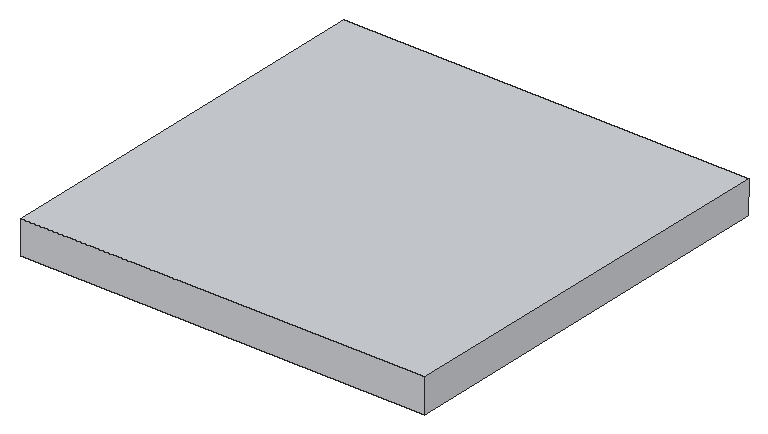
Revit family "89f5de2d20364936aca37a999d3b4ffc", category Air Terminals, host Face, Revit 2021
Family settings
  Host = Face
  Round Connector Dimension = Use Diameter
  Part Type = Normal
  OmniClass Number = 23.75.70.21.27
  OmniClass Title = Air Outlets and Inlets
  Seek Item ID = Rectangular Duct Connector - Other Air - Air Terminal-0000-USA-ENU
  Cut with Voids When Loaded = No
  Shared = No
  Room Calculation Point = No
Parameters (values of type "Standard")
  Width = 12"
  TopArrowVisible [instance] = yes
  Thickness = 1"
  RightArrowVisible [instance] = yes
  LeftArrowVisible [instance] = yes
  Height = 12"
  Flow [instance] = 100 CFM
  Default Elevation = 0' - 0"
  BottomArrowVisible [instance] = yes
  Assembly Code = ""
  Arrow Offset = 1' - 2"
Reference planes (in)
  plane 1 "Center (Front/Back)": y = 0
  plane 2: z = 0
  plane 3 "Center (Left/Right)": x = 0
Forms (in)
  Sweep 1, solid
    path in 3D
      loop
        line (0, 0, 0) -> (0, 0, 1)
    profile "Duct - Rectangular : Duct - Rectangular" origin (0, 0, 0.5) x (0, -1, 0) y (1, 0, 0)
      loop
        line (-6, 6) -> (-6, -6) -> (6, -6) -> (6, 6) -> (-6, 6)
Lines and regions (in)
  reference lines
    curve 1: line (0, 0, 0) -> (0, 0, 1)
  sketch lines
    curve 2: line (0, 0, 0) -> (0, 0, 1)
Dimensions and locks (in)
  "Thickness": curve 1 to curve 1
  "Arrow Offset": nested 1 to plane 3 "Center (Left/Right)"
  "Arrow Offset": plane 1 "Center (Front/Back)" to nested 2
  "Arrow Offset": plane 3 "Center (Left/Right)" to nested 3
  "Arrow Offset": plane 1 "Center (Front/Back)" to nested 4
  aligned and locked: plane 2 to host face
  aligned and locked: level to host face
  aligned and locked: host face to curve 1
  aligned and locked: curve 1 to plane 1 "Center (Front/Back)"
  aligned and locked: plane 1 "Center (Front/Back)" to nested 1
  aligned and locked: nested 3 to plane 1 "Center (Front/Back)"
  aligned and locked: plane 3 "Center (Left/Right)" to nested 2
  aligned and locked: nested 4 to plane 3 "Center (Left/Right)"
Automatic sketch dimensions
  host sketch curve to host sketch curve = 8' - 0"  (x2)
Nested families (in)
  nested 1: "Duct Terminal Arrow_Reverse" at (-14, 0, 0), visible <- "LeftArrowVisible", type "Duct Terminal Arrow_Reverse"
  nested 2: "Duct Terminal Arrow_Reverse" at (0, -14, 0) x (0, 1, 0) z (0, 0, 1), visible <- "BottomArrowVisible", type "Duct Terminal Arrow_Reverse"
  nested 3: "Duct Terminal Arrow_Reverse" at (14, 0, 0) x (-1, 0, 0) z (0, 0, 1), visible <- "RightArrowVisible", type "Duct Terminal Arrow_Reverse"
  nested 4: "Duct Terminal Arrow_Reverse" at (0, 14, 0) x (0, -1, 0) z (0, 0, 1), visible <- "TopArrowVisible", type "Duct Terminal Arrow_Reverse"
Connectors (in)
  hvac at (0, 0, 1), driven by "Height", driven by "Width", driven by "Flow"
    settings: on Sweep 1, index 1, duct flow 100 CFM, flow factor 0, pres drop 0.00 in-wg, loss coef 0, conn angle 0.00°, conn width 12", conn height 12", conn diameter 24", duct sys type 4, conn prof type 1, flow config 1, flow direction 2, loss method 0, conn ref index -1, conn util no, is conn primary yes, conn desc ""
Definition of nested family "Duct Terminal Arrow_Reverse"
  Reference planes (in)
    plane 1: y = 0
    plane 2: x = 0
  Lines and regions (in)
    Filled region 1, type "Solid Black"
      outline origin (-1, 0, 0) x (1, 0, 0) y (0, 1, 0)
        loop
          line (1, 0) -> (0.875, 0.0455) -> (0.875, -0.0455) -> (1, 0)
    detail lines
      curve 1: line (-0.25, 0, 0) -> (0, 0, 0)
